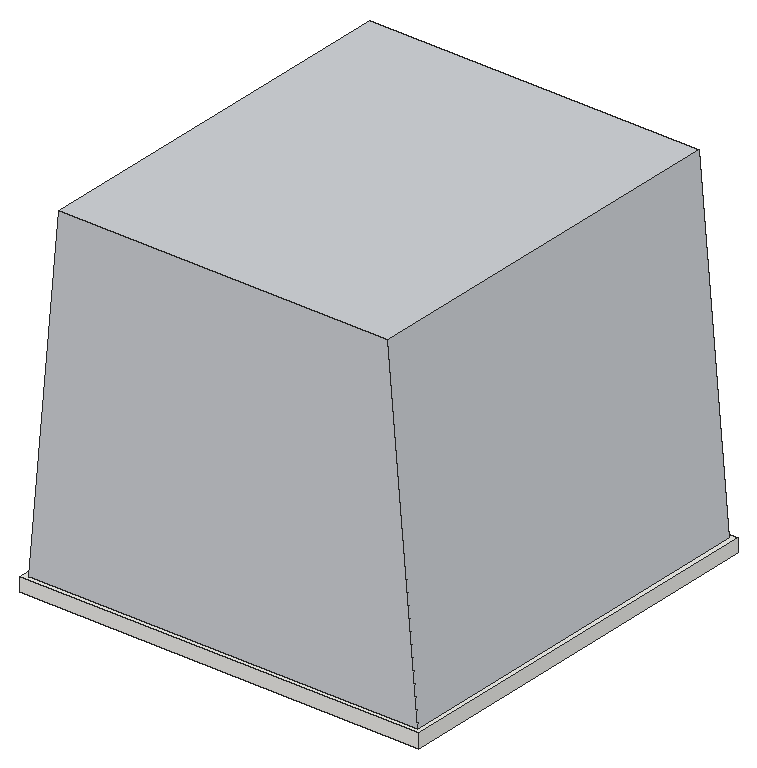
Revit family "MADEL_DIFFUSER _ADJUSTABLE VANES_AXO-S+(BOXSTAR - BOXSTARS)– (1.D1)_0", category Terminales de aire, Revit 2015 (continued)
Definition of nested family "(R) AXO-S"
  Definition of nested family "(R) AXO-S 300"
    Forms (mm)
      Extrusion 1, solid, material <- "Material Rejilla"
        sketch origin (0, 0, 0) x (1, 0, 0) y (0, 1, 0)
          loop
            line (114.012, 78.526) -> (49.666, 41.376) -> (55.166, 31.85) -> (60.666, 22.324) -> (125.012, 59.474) -> (119.512, 69) -> (114.012, 78.526)
          loop
            line (31.85, -55.166) -> (22.324, -60.666) -> (59.474, -125.011) -> (69, -119.511) -> (78.526, -114.011) -> (41.376, -49.666) -> (31.85, -55.166)
          loop
            line (-114.011, -78.526) -> (-49.666, -41.376) -> (-55.166, -31.85) -> (-60.666, -22.324) -> (-125.011, -59.474) -> (-119.511, -69) -> (-114.011, -78.526)
          loop
            line (-59.474, -125.011) -> (-22.324, -60.666) -> (-31.85, -55.166) -> (-41.376, -49.666) -> (-78.526, -114.011) -> (-69, -119.511) -> (-59.474, -125.011)
          loop
            line (-78.526, 114.012) -> (-41.376, 49.666) -> (-31.85, 55.166) -> (-22.324, 60.666) -> (-59.474, 125.012) -> (-69, 119.512) -> (-78.526, 114.012)
          loop
            line (-125.011, 59.474) -> (-60.666, 22.324) -> (-55.166, 31.85) -> (-49.666, 41.376) -> (-114.011, 78.526) -> (-119.511, 69) -> (-125.011, 59.474)
          loop
            line (59.474, 125.012) -> (22.324, 60.666) -> (41.376, 49.666) -> (78.526, 114.012) -> (59.474, 125.012)
          loop
            line (49.2, 11) -> (49.2, 0) -> (49.2, -11) -> (123.5, -11) -> (123.5, 0) -> (123.5, 11) -> (49.2, 11)
          loop
            line (-11, 49.2) -> (0, 49.2) -> (11, 49.2) -> (11, 123.5) -> (0, 123.5) -> (-11, 123.5) -> (-11, 49.2)
          loop
            line (-49.2, -11) -> (-49.2, 0) -> (-49.2, 11) -> (-123.5, 11) -> (-123.5, 0) -> (-123.5, -11) -> (-49.2, -11)
          loop
            line (11, -49.2) -> (0, -49.2) -> (-11, -49.2) -> (-11, -123.5) -> (0, -123.5) -> (11, -123.5) -> (11, -49.2)
        from 0 to 10
      Extrusion 2, solid, material <- "Material Aletas"
        sketch origin (0, 0, 0) x (1, 0, 0) y (0, 1, 0)
          loop
            line (125.012, -59.474) -> (60.666, -22.324) -> (55.166, -31.85) -> (49.666, -41.376) -> (114.012, -78.526) -> (119.512, -69) -> (125.012, -59.474)
          loop
            line (114.012, 78.526) -> (49.666, 41.376) -> (55.166, 31.85) -> (60.666, 22.324) -> (125.012, 59.474) -> (119.512, 69) -> (114.012, 78.526)
          loop
            line (31.85, -55.166) -> (22.324, -60.666) -> (59.474, -125.011) -> (69, -119.511) -> (78.526, -114.011) -> (41.376, -49.666) -> (31.85, -55.166)
          loop
            line (-114.011, -78.526) -> (-49.666, -41.376) -> (-55.166, -31.85) -> (-60.666, -22.324) -> (-125.011, -59.474) -> (-119.511, -69) -> (-114.011, -78.526)
          loop
            line (-59.474, -125.011) -> (-22.324, -60.666) -> (-31.85, -55.166) -> (-41.376, -49.666) -> (-78.526, -114.011) -> (-69, -119.511) -> (-59.474, -125.011)
          loop
            line (-78.526, 114.012) -> (-41.376, 49.666) -> (-31.85, 55.166) -> (-22.324, 60.666) -> (-59.474, 125.012) -> (-69, 119.512) -> (-78.526, 114.012)
          loop
            line (-125.011, 59.474) -> (-60.666, 22.324) -> (-55.166, 31.85) -> (-49.666, 41.376) -> (-114.011, 78.526) -> (-119.511, 69) -> (-125.011, 59.474)
          loop
            line (59.474, 125.012) -> (22.324, 60.666) -> (41.376, 49.666) -> (78.526, 114.012) -> (59.474, 125.012)
          loop
            line (49.2, 11) -> (49.2, 0) -> (49.2, -11) -> (123.5, -11) -> (123.5, 0) -> (123.5, 11) -> (49.2, 11)
          loop
            line (-11, 49.2) -> (0, 49.2) -> (11, 49.2) -> (11, 123.5) -> (0, 123.5) -> (-11, 123.5) -> (-11, 49.2)
          loop
            line (-49.2, -11) -> (-49.2, 0) -> (-49.2, 11) -> (-123.5, 11) -> (-123.5, 0) -> (-123.5, -11) -> (-49.2, -11)
          loop
            line (11, -49.2) -> (0, -49.2) -> (-11, -49.2) -> (-11, -123.5) -> (0, -123.5) -> (11, -123.5) -> (11, -49.2)
        from 0 to 30
    Dimensions and locks
      equal spacing: plane 7, plane 3 "Centro (Izquierda/Derecha)", plane 6
      "E": plane 7 to plane 6
      equal spacing: plane 5, plane 1 "Centro (Frontal/Posterior)", plane 4
      "E": plane 5 to plane 4
      locked: plane 8 to plane 2 at 10
      locked: plane 9 to plane 8 at 20
      aligned and locked: level to plane 2
      aligned and locked: Extrusion 1 to plane 8
      aligned and locked: Extrusion 1 to plane 2
      aligned and locked: plane 6 to Extrusion 1
      aligned and locked: plane 4 to Extrusion 1
      aligned and locked: plane 7 to Extrusion 1
      aligned and locked: plane 5 to Extrusion 1
      aligned and locked: plane 9 to Extrusion 2
    Automatic sketch dimensions
      plane 5 to Extrusion 1 sketch curve = 0.0 mm
      Extrusion 1 sketch curve to plane 7 = 0.0 mm
      Extrusion 1 sketch curve to plane 6 = 0.0 mm
      Extrusion 1 sketch curve to plane 4 = 0.0 mm
      Extrusion 2 sketch curve to plane 7 = 22.489 mm  (x2)
      Extrusion 2 sketch curve to plane 1 "Centro (Frontal/Posterior)" = 0.0 mm  (x4)
      Extrusion 2 sketch curve to plane 7 = 24.0 mm
      Extrusion 2 sketch curve to Extrusion 2 sketch curve = 5.5 mm  (x12)
      Extrusion 2 sketch curve to plane 5 = 33.489 mm  (x2)
      Extrusion 2 sketch curve to Extrusion 2 sketch curve = 35.485 mm  (x2)
      Extrusion 2 sketch curve to plane 4 = 33.488 mm  (x2)
      Extrusion 2 sketch curve to plane 5 = 27.989 mm  (x2)
      Extrusion 2 sketch curve to Extrusion 2 sketch curve = 9.526 mm  (x9)
      Extrusion 2 sketch curve to plane 4 = 27.988 mm
      plane 1 "Centro (Frontal/Posterior)" to Extrusion 2 sketch curve = 22.324 mm  (x2)
      Extrusion 2 sketch curve to plane 1 "Centro (Frontal/Posterior)" = 22.324 mm  (x2)
      Extrusion 2 sketch curve to Extrusion 2 sketch curve = 0.0 mm
      Extrusion 2 sketch curve to plane 5 = 22.489 mm  (x2)
      Extrusion 2 sketch curve to plane 4 = 22.488 mm  (x2)
      Extrusion 2 sketch curve to plane 1 "Centro (Frontal/Posterior)" = 31.85 mm  (x2)
      plane 1 "Centro (Frontal/Posterior)" to Extrusion 2 sketch curve = 31.85 mm  (x2)
      Extrusion 2 sketch curve to plane 1 "Centro (Frontal/Posterior)" = 41.376 mm
      plane 1 "Centro (Frontal/Posterior)" to Extrusion 2 sketch curve = 41.376 mm
      Extrusion 2 sketch curve to Extrusion 2 sketch curve = 11.466 mm  (x4)
      Extrusion 2 sketch curve to Extrusion 2 sketch curve = 8.29 mm  (x4)
      Extrusion 2 sketch curve to plane 3 "Centro (Izquierda/Derecha)" = 11.0 mm  (x2)
      plane 3 "Centro (Izquierda/Derecha)" to Extrusion 2 sketch curve = 0.0 mm  (x4)
      Extrusion 2 sketch curve to Extrusion 2 sketch curve = 11.0 mm  (x3)
      Extrusion 2 sketch curve to Extrusion 2 sketch curve = 11.324 mm  (x2)
      Extrusion 2 sketch curve to plane 1 "Centro (Frontal/Posterior)" = 11.0 mm
      Extrusion 2 sketch curve to Extrusion 2 sketch curve = 7.824 mm
      Extrusion 2 sketch curve to Extrusion 2 sketch curve = 48.474 mm  (x2)
      Extrusion 2 sketch curve to plane 6 = 33.488 mm  (x2)
      Extrusion 2 sketch curve to plane 6 = 24.0 mm
      plane 1 "Centro (Frontal/Posterior)" to Extrusion 2 sketch curve = 59.474 mm
      Extrusion 2 sketch curve to plane 1 "Centro (Frontal/Posterior)" = 59.474 mm
      Extrusion 2 sketch curve to plane 5 = 24.0 mm
      plane 1 "Centro (Frontal/Posterior)" to Extrusion 2 sketch curve = 11.0 mm  (x2)
      Extrusion 2 sketch curve to plane 4 = 24.0 mm
      Extrusion 2 sketch curve to Extrusion 2 sketch curve = 19.053 mm
      Extrusion 1 sketch curve to plane 7 = 22.489 mm  (x2)
      plane 1 "Centro (Frontal/Posterior)" to Extrusion 1 sketch curve = 11.0 mm  (x2)
      Extrusion 1 sketch curve to plane 7 = 24.0 mm
      Extrusion 1 sketch curve to Extrusion 1 sketch curve = 5.5 mm  (x12)
      Extrusion 1 sketch curve to plane 5 = 33.489 mm  (x2)
      Extrusion 1 sketch curve to Extrusion 1 sketch curve = 35.485 mm  (x2)
      Extrusion 1 sketch curve to plane 4 = 33.488 mm
      Extrusion 1 sketch curve to plane 5 = 27.989 mm  (x2)
      Extrusion 1 sketch curve to Extrusion 1 sketch curve = 9.526 mm  (x9)
      Extrusion 1 sketch curve to plane 4 = 27.988 mm
      Extrusion 1 sketch curve to plane 1 "Centro (Frontal/Posterior)" = 22.324 mm  (x2)
      Extrusion 1 sketch curve to plane 3 "Centro (Izquierda/Derecha)" = 60.666 mm
      plane 1 "Centro (Frontal/Posterior)" to Extrusion 1 sketch curve = 22.324 mm  (x2)
      Extrusion 1 sketch curve to Extrusion 1 sketch curve = 0.0 mm
      Extrusion 1 sketch curve to plane 4 = 22.488 mm  (x2)
      Extrusion 1 sketch curve to plane 5 = 22.489 mm  (x2)
      Extrusion 1 sketch curve to plane 1 "Centro (Frontal/Posterior)" = 31.85 mm  (x2)
      plane 1 "Centro (Frontal/Posterior)" to Extrusion 1 sketch curve = 31.85 mm  (x2)
      plane 1 "Centro (Frontal/Posterior)" to Extrusion 1 sketch curve = 41.376 mm
      Extrusion 1 sketch curve to plane 1 "Centro (Frontal/Posterior)" = 41.376 mm
      Extrusion 1 sketch curve to Extrusion 1 sketch curve = 11.466 mm  (x3)
      Extrusion 1 sketch curve to Extrusion 1 sketch curve = 8.29 mm  (x5)
      Extrusion 1 sketch curve to plane 3 "Centro (Izquierda/Derecha)" = 11.0 mm  (x2)
      plane 3 "Centro (Izquierda/Derecha)" to Extrusion 1 sketch curve = 0.0 mm  (x4)
      Extrusion 1 sketch curve to Extrusion 1 sketch curve = 11.0 mm  (x3)
      Extrusion 1 sketch curve to Extrusion 1 sketch curve = 11.324 mm  (x2)
      Extrusion 1 sketch curve to Extrusion 1 sketch curve = 19.053 mm
      Extrusion 1 sketch curve to plane 1 "Centro (Frontal/Posterior)" = 11.0 mm
      Extrusion 1 sketch curve to Extrusion 1 sketch curve = 7.824 mm
      Extrusion 1 sketch curve to Extrusion 1 sketch curve = 48.474 mm  (x2)
      Extrusion 1 sketch curve to plane 6 = 33.488 mm  (x2)
      Extrusion 1 sketch curve to plane 6 = 24.0 mm
      Extrusion 1 sketch curve to plane 1 "Centro (Frontal/Posterior)" = 59.474 mm
      plane 1 "Centro (Frontal/Posterior)" to Extrusion 1 sketch curve = 59.474 mm
      Extrusion 1 sketch curve to plane 5 = 24.0 mm
      Extrusion 1 sketch curve to plane 1 "Centro (Frontal/Posterior)" = 0.0 mm  (x4)
      Extrusion 1 sketch curve to plane 4 = 24.0 mm
Definition of nested family "Plenum_BOXSTAR-BOXSTARS (1.D1)"
  Parameters (values of type "825")
    URL = "http://www.madel.com/product-category/difusion/accesorios/"
    Nº Conexiones = 1  # constant formula
    Model = "BOXSTAR -BOXSTAR/S"  # constant formula
    Material Plenum = none
    H [instance] = if(and(BOXSTAR, A = 287.5 mm), 175.0 mm, if(and(BOXSTAR, A = 300.5 mm), 175.0 mm, if(and(BOXSTAR, A = 387.5 mm), 175.0 mm, if(and(BOXSTAR, A = 487.5 mm), 175.0 mm, if(and(BOXSTAR, A = 587.5 mm), 200.0 mm, if(and(BOXSTAR, A = 612.5 mm), 200.0 mm, if(and(BOXSTAR, A = 662.5 mm), 200.0 mm, if(and(BOXSTAR, A = 787.5 mm), 200.0 mm, if(and(BOXSTAR, A = 812.5 mm), 250.0 mm, 1.0 mm)))))))))  # 250.0 mm
    D1 = D_Conector - 2.0 mm  # 313.0 mm
    BOXSTAR/S [instance] = if(not(BOXSTAR), 1 = 1, 1 = 0)  # no
    BOXSTAR [instance] = yes
    B1 [instance] = if(BOXSTAR, A / 2, B - H)  # 406.25 mm
    IfcExportType = "IfcAirTerminalBoxType"  # constant formula
    IfcExportAs = "IfcAirTerminalBoxType"  # constant formula
    Manufacturer = "MADEL"  # constant formula
    Description = "Plenum de conexión latera/superiorl"  # constant formula
    D_Conector = 315.0 mm
    Type Comments = "Plenum piramidal apilable con conexión circular lateral/superior. Construido en acero galvanizado."  # constant formula
    B [instance] = if(BOXSTAR, if(A = 287.5 mm, 250.0 mm, if(A = 300.5 mm, 250.0 mm, if(A = 387.5 mm, 300.0 mm, if(A = 487.5 mm, 300.0 mm, if(A = 587.5 mm, 350.0 mm, if(A = 612.5 mm, 350.0 mm, if(A = 662.5 mm, 350.0 mm, if(A = 787.5 mm, 415.0 mm, if(A = 812.5 mm, 415.0 mm, 1.0 mm))))))))), if([BOXSTAR/S], 197.0 mm, 1.0 mm))  # 415.0 mm
    An [instance] = if(BOXSTAR, 180.00°, 90.00°)  # 180.00°
    A = 812.5 mm
  Types (9, lengths in mm): name | H | D1 | BOXSTAR/S | BOXSTAR | B1 | D_Conector | B | An | A
    600 | 200.0 | 248.0 | no | yes | 293.75 | 250.0 | 350.0 | 180.00° | 587.5
    800 | 200.0 | 313.0 | no | yes | 393.75 | 315.0 | 415.0 | 180.00° | 787.5
    500 | 175.0 | 198.0 | no | yes | 243.75 | 200.0 | 300.0 | 180.00° | 487.5
    400 | 175.0 | 198.0 | no | yes | 193.75 | 200.0 | 300.0 | 180.00° | 387.5
    300 | 1.0 | 123.0 | yes | no | 196.0 | 125.0 | 197.0 | 90.00° | 287.5
    310 | 175.0 | 123.0 | no | yes | 150.25 | 125.0 | 250.0 | 180.00° | 300.5
    625 | 200.0 | 248.0 | no | yes | 306.25 | 250.0 | 350.0 | 180.00° | 612.5
    675 | 200.0 | 248.0 | no | yes | 331.25 | 250.0 | 350.0 | 180.00° | 662.5
    825 | 250.0 | 313.0 | no | yes | 406.25 | 315.0 | 415.0 | 180.00° | 812.5
  Reference planes
    plane 1 "Centro (Frontal/Posterior)": y = 0
    plane 2: z = 0
    plane 3 "Centro (Izquierda/Derecha)": x = 0
    plane 4: y = 406.25
    plane 5: y = -406.25
    plane 6: z = 250
    plane 7: x = 406.25
    plane 8: x = -406.25
    plane 9: z = 415
  Forms (mm)
    Extrusion 1, solid, material <- "Material Plenum"
      sketch origin (0, 0, 263.347) x (-1, 0, 0) y (0, 0, -1)
        loop
          line (406.25, 263.347) -> (-406.25, 263.347) -> (-369.942, -151.653) -> (369.942, -151.653) -> (406.25, 263.347)
      from -406.25 to 406.25
    Extrusion 2, solid, material <- "Material Plenum"
      sketch origin (0, 406.25, 250) x (1, 0, 0) y (0, 0, -1)
        loop
          circle (0, 0) r 157.5
      from -1 to 0
  Lines and regions (mm)
    reference lines
      curve 1: line (0, 0, 250) -> (0, 406.25, 250)
  Dimensions and locks
    equal spacing: plane 5, plane 1 "Centro (Frontal/Posterior)", plane 4
    "A": plane 5 to plane 4
    "A": plane 7 to plane 8
    "B": plane 9 to plane 2
    equal spacing: plane 7, plane 3 "Centro (Izquierda/Derecha)", plane 8
    "H": plane 6 to plane 2
    "B1": curve 1 to curve 1
    "D_Conector": diameter of Extrusion 2 sketch curve
    angle Extrusion 1 sketch curve to Extrusion 1 sketch curve = 85.00°  (x2)
    "An": angle curve 1 to plane 6
    aligned and locked: level to plane 2
    aligned and locked: plane 7 to Extrusion 1 sketch curve
    aligned and locked: plane 8 to Extrusion 1 sketch curve
    aligned and locked: plane 4 to Extrusion 1
    aligned and locked: plane 5 to Extrusion 1
    aligned and locked: plane 1 "Centro (Frontal/Posterior)" to curve 1
    aligned and locked: plane 6 to curve 1
  Automatic sketch dimensions
    Extrusion 1 sketch curve to plane 9 = 0.0 mm
    Extrusion 1 sketch curve to level = 0.0 mm
    Extrusion 2 sketch curve to plane 3 "Centro (Izquierda/Derecha)" = 0.0 mm
    Extrusion 2 sketch curve to plane 6 = 0.0 mm
Types (18, lengths in mm): name | n_factor | m_factor | c_factor | b_factor | V800 | V600 | V500 | V400 | V300 | Q | Product Type | Product Size | Product Reference | Plenum Connection Type | Plenum Box | Vmed | Vmax | V[m/s] | Modelo | Lw (dB(A)) | Flujo mín. | Flujo máx. | E | Diffuser Grill | D_Connector | DPt | D | BOXSTAR/S | BOXSTAR | Afree | A
  AXO-S 600+BOXSTAR | 22.777 | 1.9094 | 7.9708 | -3.9584 | no | yes | no | no | no | 617.76 m³/h | "AXO-S 600+BOXSTAR" | "dim.600" | "AXO-S/T15+BOXSTAR-AIS-R" | "Lateral" | Plenum_BOXSTAR-BOXSTARS (1.D1) : 600 | 3.9 m/s | 5.3 m/s | 3.9 | "AXO-S 600+BOXSTAR" | 38.9698 | 396 m³/h | 839.52 m³/h | 595.0 | (R) AXO-S : 600 | 250.0 | 23.4688 Pa | 575.0 | no | yes | 0.0440 m² | 576.0
  AXO-S 300+BOXSTAR | 23.878 | 1.9099 | 0.1835 | -2.8597 | no | no | no | no | yes | 155.52 m³/h | "AXO-S 300+BOXSTAR" | "dim.300" | "AXO-S/T15+BOXSTAR-AIS-R" | "Lateral" | Plenum_BOXSTAR-BOXSTARS (1.D1) : 300 | 4.5 m/s | 6.5 m/s | 4.5 | "AXO-S 300+BOXSTAR" | 36.0979 | 86.4 m³/h | 224.64 m³/h | 295.0 | (R) AXO-S : 300 | 125.0 | 21.2032 Pa | 275.0 | no | yes | 0.0096 m² | 280.0
  AXO-S 400+BOXSTAR | 23.854 | 1.9093 | 1.4296 | -3.4583 | no | no | no | yes | no | 303.912 m³/h | "AXO-S 400+BOXSTAR" | "dim.400" | "AXO-S/T15+BOXSTAR-AIS-R" | "Lateral" | Plenum_BOXSTAR-BOXSTARS (1.D1) : 400 | 4.2 m/s | 5.9 m/s | 4.2 | "AXO-S 400+BOXSTAR" | 35.6621 | 180.9 m³/h | 426.924 m³/h | 395.0 | (R) AXO-S : 400 | 200.0 | 19.1449 Pa | 375.0 | no | yes | 0.0201 m² | 376.0
  AXO-S 500+BOXSTAR | 22.756 | 1.9092 | 6.3204 | -3.9778 | no | no | yes | no | no | 412.38 m³/h | "AXO-S 500+BOXSTAR" | "dim.500" | "AXO-S/T15+BOXSTAR-AIS-R" | "Lateral" | Plenum_BOXSTAR-BOXSTARS (1.D1) : 500 | 3.95 m/s | 5.4 m/s | 3.95 | "AXO-S 500+BOXSTAR" | 37.5807 | 261 m³/h | 563.76 m³/h | 495.0 | (R) AXO-S : 500 | 200.0 | 10.3582 Pa | 475.0 | no | yes | 0.0290 m² | 476.0
  AXO-S 800+BOXSTAR | 27.287 | 1.9105 | 6.5577 | -4.3817 | yes | no | no | no | no | 942.48 m³/h | "AXO-S 800+BOXSTAR" | "dim.800" | "AXO-S/T15+BOXSTAR-AIS-R" | "Lateral" | Plenum_BOXSTAR-BOXSTARS (1.D1) : 800 | 3.35 m/s | 4.2 m/s | 3.85 | "AXO-S 800+BOXSTAR" | 43.3426 | 612 m³/h | 1028.16 m³/h | 795.0 | (R) AXO-S : 800 | 315.0 | 19.9879 Pa | 775.0 | no | yes | 0.0680 m² | 776.0
  AXO-S 310+BOXSTAR | 23.878 | 1.9099 | 0.1835 | -2.8597 | no | no | no | no | yes | 155.52 m³/h | "AXO-S 310+BOXSTAR" | "dim.310" | "AXO-S/T15+BOXSTAR-AIS-R" | "Lateral" | Plenum_BOXSTAR-BOXSTARS (1.D1) : 310 | 4.5 m/s | 6.5 m/s | 4.5 | "AXO-S 310+BOXSTAR" | 36.0979 | 86.4 m³/h | 224.64 m³/h | 308.0 | (R) AXO-S : 310 | 125.0 | 21.2032 Pa | 288.0 | no | yes | 0.0096 m² | 289.0
  AXO-S 625+BOXSTAR | 22.777 | 1.9094 | 7.9708 | -3.9584 | no | yes | no | no | no | 617.76 m³/h | "AXO-S 625+BOXSTAR" | "dim.625" | "AXO-S/T15+BOXSTAR-AIS-R" | "Lateral" | Plenum_BOXSTAR-BOXSTARS (1.D1) : 625 | 3.9 m/s | 5.3 m/s | 3.9 | "AXO-S 625+BOXSTAR" | 38.9698 | 396 m³/h | 839.52 m³/h | 620.0 | (R) AXO-S : 625 | 250.0 | 23.4688 Pa | 600.0 | no | yes | 0.0440 m² | 601.0
  AXO-S 675+BOXSTAR | 22.777 | 1.9094 | 7.9708 | -3.9584 | no | yes | no | no | no | 617.76 m³/h | "AXO-S 675+BOXSTAR" | "dim.675" | "AXO-S/T15+BOXSTAR-AIS-R" | "Lateral" | Plenum_BOXSTAR-BOXSTARS (1.D1) : 675 | 3.9 m/s | 5.3 m/s | 3.9 | "AXO-S 675+BOXSTAR" | 38.9698 | 396 m³/h | 839.52 m³/h | 670.0 | (R) AXO-S : 675 | 250.0 | 23.4688 Pa | 650.0 | no | yes | 0.0440 m² | 651.0
  AXO-S 825+BOXSTAR | 27.287 | 1.9105 | 6.5577 | -4.3817 | yes | no | no | no | no | 942.48 m³/h | "AXO-S 825+BOXSTAR" | "dim.825" | "AXO-S/T15+BOXSTAR-AIS-R" | "Lateral" | Plenum_BOXSTAR-BOXSTARS (1.D1) : 825 | 3.35 m/s | 4.2 m/s | 3.85 | "AXO-S 825+BOXSTAR" | 43.3426 | 612 m³/h | 1028.16 m³/h | 820.0 | (R) AXO-S : 825 | 315.0 | 19.9879 Pa | 800.0 | no | yes | 0.0680 m² | 801.0
  AXO-S 300+BOXSTAR/S | 23.878 | 1.9099 | 0.1835 | -2.8597 | no | no | no | no | yes | 155.52 m³/h | "AXO-S 300+BOXSTAR/S" | "dim.300" | "AXO-S/T15+BOXSTAR/S-AIS-R" | "Upper" | Plenum_BOXSTAR-BOXSTARS (1.D1) : 300 | 4.5 m/s | 6.5 m/s | 4.5 | "AXO-S 300+BOXSTAR/S" | 36.0979 | 86.4 m³/h | 224.64 m³/h | 295.0 | (R) AXO-S : 300 | 125.0 | 21.2032 Pa | 275.0 | yes | no | 0.0096 m² | 280.0
  AXO-S 310+BOXSTAR/S | 23.878 | 1.9099 | 0.1835 | -2.8597 | no | no | no | no | yes | 155.52 m³/h | "AXO-S 310+BOXSTAR/S" | "dim.310" | "AXO-S/T15+BOXSTAR/S-AIS-R" | "Upper" | Plenum_BOXSTAR-BOXSTARS (1.D1) : 310 | 4.5 m/s | 6.5 m/s | 4.5 | "AXO-S 310+BOXSTAR/S" | 36.0979 | 86.4 m³/h | 224.64 m³/h | 308.0 | (R) AXO-S : 310 | 125.0 | 21.2032 Pa | 288.0 | yes | no | 0.0096 m² | 289.0
  AXO-S 400+BOXSTAR/S | 23.854 | 1.9093 | 1.4296 | -3.4583 | no | no | no | yes | no | 303.912 m³/h | "AXO-S 400+BOXSTAR/S" | "dim.400" | "AXO-S/T15+BOXSTAR/S-AIS-R" | "Upper" | Plenum_BOXSTAR-BOXSTARS (1.D1) : 400 | 4.2 m/s | 5.9 m/s | 4.2 | "AXO-S 400+BOXSTAR/S" | 35.6621 | 180.9 m³/h | 426.924 m³/h | 395.0 | (R) AXO-S : 400 | 200.0 | 19.1449 Pa | 375.0 | yes | no | 0.0201 m² | 376.0
  AXO-S 500+BOXSTAR/S | 22.756 | 1.9092 | 6.3204 | -3.9778 | no | no | yes | no | no | 412.38 m³/h | "AXO-S 500+BOXSTAR/S" | "dim.500" | "AXO-S/T15+BOXSTAR/S-AIS-R" | "Upper" | Plenum_BOXSTAR-BOXSTARS (1.D1) : 500 | 3.95 m/s | 5.4 m/s | 3.95 | "AXO-S 500+BOXSTAR/S" | 37.5807 | 261 m³/h | 563.76 m³/h | 495.0 | (R) AXO-S : 500 | 200.0 | 10.3582 Pa | 475.0 | yes | no | 0.0290 m² | 476.0
  AXO-S 600+BOXSTAR/S | 22.777 | 1.9094 | 7.9708 | -3.9584 | no | yes | no | no | no | 617.76 m³/h | "AXO-S 600+BOXSTAR/S" | "dim.600" | "AXO-S/T15+BOXSTAR/S-AIS-R" | "Upper" | Plenum_BOXSTAR-BOXSTARS (1.D1) : 600 | 3.9 m/s | 5.3 m/s | 3.9 | "AXO-S 600+BOXSTAR/S" | 38.9698 | 396 m³/h | 839.52 m³/h | 595.0 | (R) AXO-S : 600 | 250.0 | 23.4688 Pa | 575.0 | yes | no | 0.0440 m² | 576.0
  AXO-S 625+BOXSTAR/S | 22.777 | 1.9094 | 7.9708 | -3.9584 | no | yes | no | no | no | 617.76 m³/h | "AXO-S 625+BOXSTAR/S" | "dim.625" | "AXO-S/T15+BOXSTAR/S-AIS-R" | "Upper" | Plenum_BOXSTAR-BOXSTARS (1.D1) : 625 | 3.9 m/s | 5.3 m/s | 3.9 | "AXO-S 625+BOXSTAR/S" | 38.9698 | 396 m³/h | 839.52 m³/h | 620.0 | (R) AXO-S : 625 | 250.0 | 23.4688 Pa | 600.0 | yes | no | 0.0440 m² | 601.0
  AXO-S 675+BOXSTAR/S | 22.777 | 1.9094 | 7.9708 | -3.9584 | no | yes | no | no | no | 617.76 m³/h | "AXO-S 675+BOXSTAR/S" | "dim.675" | "AXO-S/T15+BOXSTAR/S-AIS-R" | "Upper" | Plenum_BOXSTAR-BOXSTARS (1.D1) : 675 | 3.9 m/s | 5.3 m/s | 3.9 | "AXO-S 675+BOXSTAR/S" | 38.9698 | 396 m³/h | 839.52 m³/h | 670.0 | (R) AXO-S : 675 | 250.0 | 23.4688 Pa | 650.0 | yes | no | 0.0440 m² | 651.0
  AXO-S 800+BOXSTAR/S | 27.287 | 1.9105 | 6.5577 | -4.3817 | yes | no | no | no | no | 942.48 m³/h | "AXO-S 800+BOXSTAR/S" | "dim.800" | "AXO-S/T15+BOXSTAR/S-AIS-R" | "Upper" | Plenum_BOXSTAR-BOXSTARS (1.D1) : 800 | 3.35 m/s | 4.2 m/s | 3.85 | "AXO-S 800+BOXSTAR/S" | 43.3426 | 612 m³/h | 1028.16 m³/h | 795.0 | (R) AXO-S : 800 | 315.0 | 19.9879 Pa | 775.0 | yes | no | 0.0680 m² | 776.0
  AXO-S 825+BOXSTAR/S | 27.287 | 1.9105 | 6.5577 | -4.3817 | yes | no | no | no | no | 942.48 m³/h | "AXO-S 825+BOXSTAR/S" | "dim.825" | "AXO-S/T15+BOXSTAR/S-AIS-R" | "Upper" | Plenum_BOXSTAR-BOXSTARS (1.D1) : 825 | 3.35 m/s | 4.2 m/s | 3.85 | "AXO-S 825+BOXSTAR/S" | 43.3426 | 612 m³/h | 1028.16 m³/h | 820.0 | (R) AXO-S : 825 | 315.0 | 19.9879 Pa | 800.0 | yes | no | 0.0680 m² | 801.0
